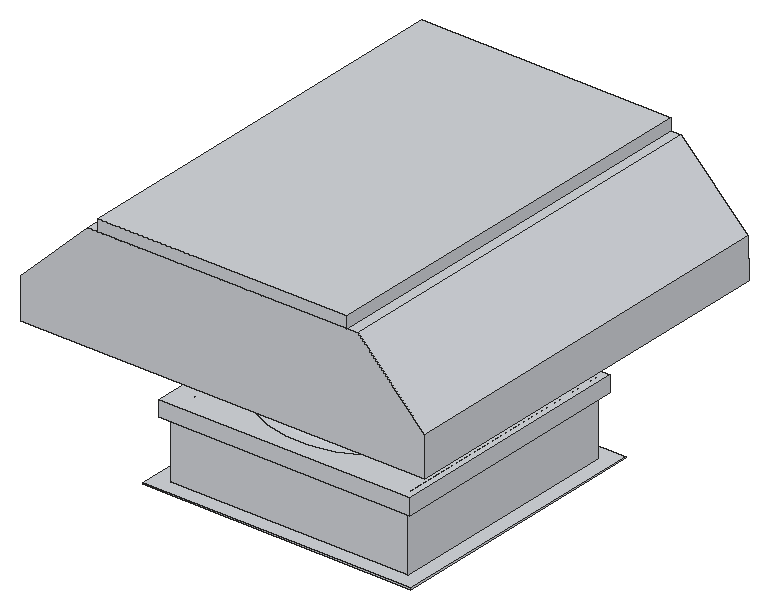
Revit family "HXEL", category Mechanical Equipment, Revit 2019
Family settings
  Round Connector Dimension = Use Diameter
  Part Type = Normal
  Work Plane-Based = No
  Always vertical = Yes
  Cut with Voids When Loaded = No
  Shared = No
  Room Calculation Point = No
Parameters (values of type "20-HXEL")
  Unit Weight [instance] = ""
  Sones [instance] = ""
  RO/2 = RO / 2  # 13 3/4"
  Motor RPM [instance] = ""
  Motor Enclosure [instance] = ""
  ModelID [instance] = ""
  LwA [instance] = ""
  W/2 = W / 2  # 26"
  L/2 = L / 2  # 26"
  RO = T_SQ - 4 1/2"  # 27 1/2"
  T_SQ/2 = T_SQ / 2  # 16"
  Fan RPM [instance] = ""
  T_SQ = 32"
  W = 52"
  L = 52"
  CURB_HEIGHT [instance] = 9 1/2"
  CURB [instance] = yes
  C/2 = C / 2  # 5"
  C = 10"
  Brake Hp [instance] = ""
  B/2 = B / 2  # 1"
  B-.125" = B - 1/8"  # 1 7/8"
  Accessories [instance] = ""
  A-C = A - C  # 17 1/4"
  B = 2"
  A/2 = A / 2  # 13 5/8"
  A-1.5" = A - 1 1/2"  # 25 3/4"
  A = 27 1/4"
  4" = 4"  # constant formula
  2' = 24"
  2" = 2"  # constant formula
  1" = 1"  # constant formula
  0 = 0"  # constant formula
  Voltage [instance] = 0 V
  URL = "www.lorencook.com"
  Type Comments = "Hooded Exhaust Ventilator Low-Pressure Steel Propeller Roof Mounted/Belt Drive"  # constant formula
  Static Pressure [instance] = 0.00 in-wg
  Power [instance] = Voltage * Motor FLA * sqrt(if(Phase = 3, 3, 1))  # 0 VA
  Phase [instance] = 0
  Number of Poles [instance] = 1
  Motor Hp [instance] = "0"
  Motor FLA [instance] = 0 A
  Model = "HXEL"  # constant formula
  Manufacturer = "Loren Cook Company"
  CFM [instance] = 0 CFM
  1.5 = 1 1/2"  # constant formula
  ONE EIGTH = 1/8"  # constant formula
  -L/2 = -L / 2  # -26"
  -(C/2) = -(C / 2)  # -5"
  -(A/2) = -(A / 2)  # -13 5/8"
  (T_SQ/2)-2" = (T_SQ / 2) - 2"  # 14"
  (T_SQ/2)+.125" = (T_SQ / 2) + 1/8"  # 16 1/8"
  (A-C)/2 = (A - C) / 2  # 8 5/8"
Types (9): name | RO/2 | W/2 | L/2 | RO | T_SQ/2 | T_SQ | W | L | C/2 | C | B/2 | B-.125" | A-C | B | A/2 | A-1.5" | A | -L/2 | -(C/2) | -(A/2) | (T_SQ/2)-2" | (T_SQ/2)+.125" | (A-C)/2
  (no name) | 13 3/4" | 26" | 26" | 27 1/2" | 16" | 32" | 52" | 52" | 5" | 10" | 1" | 1 7/8" | 17 1/4" | 2" | 13 5/8" | 25 3/4" | 27 1/4" | -26" | -5" | -13 5/8" | 14" | 16 1/8" | 8 5/8"
  20-HXEL | 13 3/4" | 26" | 26" | 27 1/2" | 16" | 32" | 52" | 52" | 5" | 10" | 1" | 1 7/8" | 17 1/4" | 2" | 13 5/8" | 25 3/4" | 27 1/4" | -26" | -5" | -13 5/8" | 14" | 16 1/8" | 8 5/8"
  30-HXEL | 18 3/4" | 34 1/2" | 34 1/2" | 37 1/2" | 21" | 42" | 69" | 69" | 5" | 10" | 1 1/2" | 2 7/8" | 20 1/2" | 3" | 15 1/4" | 29" | 30 1/2" | -34 1/2" | -5" | -15 1/4" | 19" | 21 1/8" | 10 1/4"
  36-HXEL | 21 3/4" | 40" | 40" | 43 1/2" | 24" | 48" | 80" | 80" | 5" | 10" | 1 1/2" | 2 7/8" | 23" | 3" | 16 1/2" | 31 1/2" | 33" | -40" | -5" | -16 1/2" | 22" | 24 1/8" | 11 1/2"
  42-HXEL | 24 3/4" | 45" | 45" | 49 1/2" | 27" | 54" | 90" | 90" | 5" | 10" | 1 1/2" | 2 7/8" | 28" | 3" | 19" | 36 1/2" | 38" | -45" | -5" | -19" | 25" | 27 1/8" | 14"
  48-HXEL | 27 3/4" | 45" | 55" | 55 1/2" | 30" | 60" | 90" | 110" | 6 3/4" | 13 1/2" | 1 1/2" | 2 7/8" | 28" | 3" | 20 3/4" | 40" | 41 1/2" | -55" | -6 3/4" | -20 3/4" | 28" | 30 1/8" | 14"
  54-HXEL | 30 3/4" | 54 1/2" | 55 1/2" | 61 1/2" | 33" | 66" | 109" | 111" | 7 3/8" | 14 3/4" | 1 1/2" | 2 7/8" | 29 3/4" | 3" | 22 1/4" | 43" | 44 1/2" | -55 1/2" | -7 3/8" | -22 1/4" | 31" | 33 1/8" | 14 7/8"
  60-HXEL | 33 3/4" | 59 1/2" | 60 1/2" | 67 1/2" | 36" | 72" | 119" | 121" | 7 3/8" | 14 3/4" | 1 1/2" | 2 7/8" | 29 3/4" | 3" | 22 1/4" | 43" | 44 1/2" | -60 1/2" | -7 3/8" | -22 1/4" | 34" | 36 1/8" | 14 7/8"
  24-HXEL | 15 3/4" | 29 1/2" | 29 1/2" | 31 1/2" | 18" | 36" | 59" | 59" | 5" | 10" | 1 1/2" | 2 7/8" | 18 3/4" | 3" | 14 3/8" | 27 1/4" | 28 3/4" | -29 1/2" | -5" | -14 3/8" | 16" | 18 1/8" | 9 3/8"
Reference planes (in)
  plane 1 "Center (Front/Back)": y = 0
  plane 2: z = 0
  plane 3 "Center (Left/Right)": x = 0.40541
Forms (in)
  Extrusion 1, solid
    sketch origin (0, 0, 0) x (1, 0, 0) y (0, 1, 0)
      loop
        line (-15.71959, 16.125) -> (-15.71959, -16.125) -> (16.53041, -16.125) -> (16.53041, 16.125) -> (-15.71959, 16.125)
    from 0 to 2 <- "B"
  Extrusion 2, void
    sketch origin (0, 0, 0) x (1, 0, 0) y (0, 1, 0)
      loop
        line (-15.59459, 16) -> (-15.59459, -16) -> (16.40541, -16) -> (16.40541, 16) -> (-15.59459, 16)
    from 0 to 1.875 <- "B-.125""
  Revolve 3, solid
    sketch origin (0, 0, 0) x (1, 0, 0) y (0, 0, 1)
      loop
        line (0.40541, 2) -> (14.40541, 2)
        arc (14.40541, 2) -> (9.40541, 7) -> (14.40541, 12) r 5
        line (14.40541, 12) -> (0.40541, 12) -> (0.40541, 2)
      axis (0.40541, 12) -> (0.40541, 2)
    angle from 0 to 360
  Extrusion 4, solid
    sketch origin (0, 0, 0) x (1, 0, 0) y (0, 0, 1)
      loop
        line (-25.59459, 12) -> (26.40541, 12) -> (26.40541, 25.75) -> (-25.59459, 25.75) -> (-25.59459, 12)
    from -26 <- "-L/2" to 26 <- "L/2"
  Extrusion 5, solid
    sketch origin (0, 0, 0) x (1, 0, 0) y (0, 0, 1)
      loop
        line (-15.59459, 25.75) -> (16.40541, 25.75) -> (16.40541, 27.25) -> (-15.59459, 27.25) -> (-15.59459, 25.75)
    from 26 <- "L/2" to -26 <- "-L/2"
  Extrusion 6, void
    sketch origin (0, 0, 0) x (1, 0, 0) y (0, 0, 1)
      loop
        line (17.78041, 25.75) -> (26.40541, 17.125) -> (26.40541, 25.75) -> (17.78041, 25.75)
      loop
        line (-16.96959, 25.75) -> (-25.59459, 25.75) -> (-25.59459, 17.125) -> (-16.96959, 25.75)
    from 26 <- "L/2" to -26 <- "-L/2"
  Extrusion 7, solid, visible <- "CURB"
    sketch origin (0, 0, 1.875) x (0, 1, 0) y (1, 0, 0)
      loop
        line (13.75, -13.34459) -> (13.75, 14.15541) -> (-13.75, 14.15541) -> (-13.75, -13.34459) -> (13.75, -13.34459)
      loop
        line (-15.25, 15.65541) -> (-15.25, -14.84459) -> (15.25, -14.84459) -> (15.25, 15.65541) -> (-15.25, 15.65541)
    from 0 to 9.5 <- "CURB_HEIGHT"
  Extrusion 8, solid, visible <- "CURB"
    sketch origin (0, 0, -7.625) x (-1, 0, 0) y (0, 1, 0)
      loop
        line (14.84459, -15.25) -> (14.84459, 15.25) -> (-15.65541, 15.25) -> (-15.65541, -15.25) -> (14.84459, -15.25)
      loop
        line (-17.65541, 17.25) -> (-17.65541, -17.25) -> (16.84459, -17.25) -> (16.84459, 17.25) -> (-17.65541, 17.25)
    from 0 to -0.125
Cuts and joins
  Extrusion 2 cuts Extrusion 1
  Extrusion 6 cuts Extrusion 4
  Extrusion 6 cuts Extrusion 5
Dimensions and locks (in)
  "(T_SQ/2)+.125"": Extrusion 1 sketch curve to plane 3 "Center (Left/Right)"
  "(T_SQ/2)+.125"": plane 3 "Center (Left/Right)" to Extrusion 1 sketch curve
  "(T_SQ/2)+.125"": plane 1 "Center (Front/Back)" to Extrusion 1 sketch curve
  "(T_SQ/2)+.125"": Extrusion 1 sketch curve to plane 1 "Center (Front/Back)"
  "T_SQ/2": Extrusion 2 sketch curve to plane 3 "Center (Left/Right)"
  "T_SQ/2": plane 3 "Center (Left/Right)" to Extrusion 2 sketch curve
  "T_SQ/2": plane 1 "Center (Front/Back)" to Extrusion 2 sketch curve
  "T_SQ/2": Extrusion 2 sketch curve to plane 1 "Center (Front/Back)"
  "C": Revolve 3 sketch curve to cut or joined group of Extrusion 1, Extrusion 2
  "(T_SQ/2)-2"": Revolve 3 sketch curve to plane 3 "Center (Left/Right)"
  "0": Revolve 3 sketch curve to plane 3 "Center (Left/Right)"  (x2)
  "0": Revolve 3 sketch curve to cut or joined group of Extrusion 1, Extrusion 2
  "A-1.5"": Extrusion 4 sketch curve to level
  "0": Extrusion 4 sketch curve to Revolve 3
  "W/2": Extrusion 4 sketch curve to plane 3 "Center (Left/Right)"  (x2)
  "0": Extrusion 5 sketch curve to Extrusion 4
  "1.5": Extrusion 5 sketch curve to Extrusion 5 sketch curve
  "T_SQ/2": Extrusion 5 sketch curve to plane 3 "Center (Left/Right)"
  "T_SQ/2": plane 3 "Center (Left/Right)" to Extrusion 5 sketch curve
  "0": Extrusion 6 sketch curve to Extrusion 4  (x3)
  "0": Extrusion 4 to Extrusion 6 sketch curve
  "(A-C)/2": Extrusion 6 sketch curve to Extrusion 6 sketch curve  (x4)
  "1.5": Extrusion 7 sketch curve to Extrusion 7 sketch curve  (x4)
  "RO/2": Extrusion 7 sketch curve to plane 3 "Center (Left/Right)"
  "RO/2": plane 3 "Center (Left/Right)" to Extrusion 7 sketch curve
  "RO/2": plane 1 "Center (Front/Back)" to Extrusion 7 sketch curve
  "RO/2": Extrusion 7 sketch curve to plane 1 "Center (Front/Back)"
  "2"": Extrusion 8 sketch curve to Extrusion 8 sketch curve  (x4)
  "0": Extrusion 8 sketch curve to Extrusion 7  (x3)
  "0": Extrusion 7 to Extrusion 8 sketch curve
Automatic sketch dimensions
  Revolve 3 sketch curve to level = 4"
  Revolve 3 sketch curve to Revolve 3 sketch curve = 0"
Connectors (in)
  hvac at (0.40541, 0, 1.875), driven by "RO", driven by "RO", driven by "CFM"
    settings: on cut or joined group of Extrusion 1, Extrusion 2, index 1, duct flow 0 CFM, flow factor 0, pres drop 0.00 in-wg, loss coef 0, conn angle 0.00°, conn width 27 1/2", conn height 27 1/2", conn diameter 24", duct sys type 3, conn prof type 1, flow config 0, flow direction 1, loss method 0, conn ref index -1, conn util no, is conn primary yes, conn desc ""
  electrical at (0.40541, 0, 1.875)
    settings: on cut or joined group of Extrusion 1, Extrusion 2, index 2, voltage 0 V, apparent load 0 VA, apparent load phase1 0 VA, apparent load phase2 0 VA, apparent load phase3 0 VA, power factor 1, load classification "Other", number of poles 1, system type 30, power factor state 1, is connector primary yes, connector utility no, sub classification motor no, connector description ""
